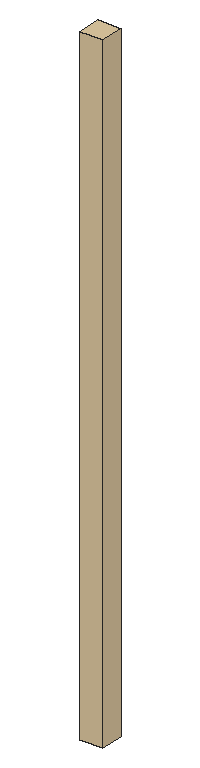
Revit family "Dimension Lumber", category 구조 기둥, Revit 2026
Family settings
  단면 모양 = 정의되지 않음
  모델 동작 재료 = 목재
  항상 형상으로 내보내기 = 아니오
  평면의 보 전환 = 경계 상자에서
  로드될 때 보이드를 사용하여 절단 = 아니오
  기호 표현 = 프로젝트 설정에서
  공유 = 아니오
  평면도에서 미리 절단된 패밀리 표시 = 예
Parameters (values of type "89 x 89")
  키노트 = "G20"
  Structural Material [instance] = Wood - Dimensional Lumber
  A = 0.00 m²
  Ix = 0
  Iy = 0
  Sx = 0
  Sy = 0
  b = 89 mm
  d = 89 mm
Reference planes
  plane 1 "Center (Front/Back)": y = 0
  plane 2: z = 0
  plane 3 "Center (Left/Right)": x = 0
  plane 4: x = -44.5
  plane 5: x = 44.5
  plane 6: y = 44.5
  plane 7: y = -44.5
Forms (mm)
  Extrusion 1, solid, material "Wood - Dimensional Lumber" <- "Structural Material", detail levels medium+fine
    sketch origin (0, 0, 0) x (1, 0, 0) y (0, 1, 0)
      loop
        line (-44.5, 44.5) -> (-44.5, -44.5) -> (44.5, -44.5) -> (44.5, 44.5) -> (-44.5, 44.5)
    from 0 to 2500
Lines and regions (mm)
  symbolic lines, style "StructuralColumnStickSymbols", detail levels coarse
    curve 1: line (-44.5, 44.5, 0) -> (44.5, 44.5, 0)
    curve 2: line (-44.5, -44.5, 0) -> (44.5, -44.5, 0)
    curve 3: line (-44.5, 44.5, 0) -> (-44.5, -44.5, 0)
    curve 4: line (44.5, 44.5, 0) -> (44.5, -44.5, 0)
Dimensions and locks
  equal spacing: plane 4, plane 3 "Center (Left/Right)", plane 5
  equal spacing: plane 7, plane 1 "Center (Front/Back)", plane 6
  "d": plane 7 to plane 6
  "b": plane 4 to plane 5
  aligned and locked: plane 6 to Extrusion 1 sketch curve
  aligned and locked: Extrusion 1 sketch curve to plane 7
  aligned and locked: Extrusion 1 sketch curve to plane 4
  aligned and locked: plane 5 to Extrusion 1 sketch curve
  aligned and locked: level to Extrusion 1
  aligned and locked: level to plane 2
  aligned and locked: Extrusion 1 to plane 2
Automatic sketch dimensions
  curve 3 to plane 4 = 0 mm
  curve 4 to plane 5 = 0 mm
  curve 3 to plane 7 = 0 mm
  curve 3 to plane 6 = 0 mm
